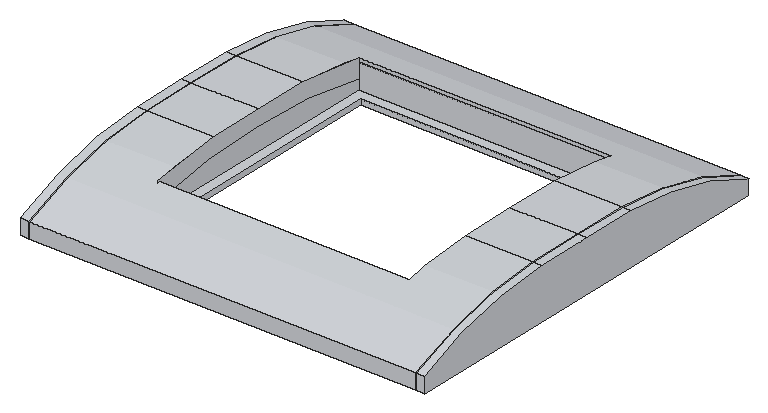
Revit family "Gira_1002763", category Electrical Fixtures, host Face, Revit 2017
Family settings
  Host = Face
  Maintain Annotation Orientation = No
  Round Connector Dimension = Use Diameter
  Part Type = Normal
  Cut with Voids When Loaded = No
  Shared = No
  Room Calculation Point = No
Parameters (values of type "Abdeckrahmen 2f o.M. Zwischenr. RW Gira Event Klar Braun")
  Werkstoffgüte = "Thermoplast"
  Werkstoff = "Kunststoff"
  URL = "http://katalog.gira.de/de_DE/datenblatt.html?artikelnr=1002763"
  Transparent = "No"
  Textfeld/Beschriftungsfläche = "No"
  Schutzart (IP) = "IP20"
  Region = "DE"
  Oberfläche = "sonstige"
  Name = "Abdeckrahmen 2f o.M. Zwischenr. RW Gira Event Klar Braun"
  Montagerichtung = "horizontal und vertikal"
  Mit Montagerahmen = "No"
  Mit Klappdeckel = "No"
  Manufacturer URL = "https://www.gira.de/"
  Keynote = "Event_Rahmen_2fach o.Mittelsteg"
  HeinzeBIM = "https://bimportal.heinze.de/bim/abdeckrahmen-2f-o-m-zwischenr-rw-gira-event-klar-braun/0091b34dd2873372f0a3132b45ab2cf5735b013e"
  Halogenfrei = "Yes"
  HAN = "1002763"
  Geeignet für Unterputz-Installation = "Yes"
  Geeignet für Unterflurkanaldose = "No"
  Geeignet für Geräteeinbaukanal = "No"
  Geeignet für Einbauinstallation = "No"
  GTIN = "4010337070320"
  Farbe = "braun"
  Default Elevation = 1219.2 mm
  Data sheet (1) = "https://katalog.gira.de/de_DE/download.html?artikelnr=1002763"
  Category = "Abdeckrahmen"
  Befestigungsart = "Klemmbefestigung"
  Available = "Yes"
  Ausführung der Oberfläche = "glänzend"
  Anzahl der Einheiten vertikal = "2 "
  Anzahl der Einheiten horizontal = "2 "
  Anzahl der Einheiten = "2 "
Reference planes
  plane 1 "Center (Front/Back)": y = 0
  plane 2: z = 0
  plane 3 "Center (Left/Right)": x = 0
Forms (mm)
  Extrusion 1, solid, detail levels fine
    sketch origin (0, 0, 1.55) x (0, 1, 0) y (0, 0, 1)
      loop
        arc (12.445, 9.683) -> (6.223, 9.833) -> (0, 9.85) r 291.636
        arc (0, 9.85) -> (-6.223, 9.833) -> (-12.445, 9.683) r 291.636
        arc (-12.445, 9.683) -> (-29.14, 7.482) -> (-45, 1.823) r 79.728
        line (-45, 1.823) -> (-45, -1.55) -> (-41.777, -1.55) -> (-41.777, -0.55)
        arc (-41.777, -0.55) -> (-21.205, 4.846) -> (0, 6.467) r 118.15
        arc (0, 6.467) -> (21.205, 4.846) -> (41.777, -0.55) r 118.15
        line (41.777, -0.55) -> (41.777, -1.55) -> (45, -1.55) -> (45, 1.823)
        arc (45, 1.823) -> (29.14, 7.482) -> (12.445, 9.683) r 79.728
    from -43 to 43
  Extrusion 2, void, detail levels fine
    sketch origin (0, 0, 0) x (1, 0, 0) y (0, 1, 0)
      loop
        line (-28, -28) -> (28, -28) -> (28, 28) -> (-28, 28) -> (-28, -28)
    from 2.85 to 12
  Extrusion 3, solid, detail levels coarse
    sketch origin (0, 0, 0) x (1, 0, 0) y (0, 1, 0)
      loop
        line (-45, 45) -> (-45, -45) -> (45, -45) -> (45, 45) -> (-45, 45)
    from 0 to 11.4
  Extrusion 4, solid, detail levels medium
    sketch origin (0, 0, 1.55) x (0, 1, 0) y (0, 0, 1)
      loop
        arc (12.445, 9.683) -> (6.223, 9.833) -> (0, 9.85) r 291.636
        arc (0, 9.85) -> (-6.223, 9.833) -> (-12.445, 9.683) r 291.636
        arc (-12.445, 9.683) -> (-29.14, 7.482) -> (-45, 1.823) r 79.728
        line (-45, 1.823) -> (-45, -1.55) -> (45, -1.55) -> (45, 1.823)
        arc (45, 1.823) -> (29.14, 7.482) -> (12.445, 9.683) r 79.728
    from -45 to 45
  Extrusion 5, solid, detail levels fine
    sketch origin (0, 0, 0) x (0, 1, 0) y (0, 0, 1)
      loop
        arc (45, 3.373) -> (29.14, 9.032) -> (12.445, 11.233) r 79.728
        arc (12.445, 11.233) -> (6.223, 11.383) -> (0, 11.4) r 291.636
        arc (0, 11.4) -> (-6.223, 11.383) -> (-12.445, 11.233) r 291.636
        arc (-12.445, 11.233) -> (-29.14, 9.032) -> (-45, 3.373) r 79.728
        line (-45, 3.373) -> (-45, 0) -> (45, 0) -> (45, 3.373)
    from 43 to 45
  Extrusion 6, solid, detail levels fine
    sketch origin (0, 0, 0) x (0, 1, 0) y (0, 0, -1)
      loop
        line (45, -3.373) -> (45, 0) -> (-45, 0) -> (-45, -3.373)
        arc (-45, -3.373) -> (-29.14, -9.032) -> (-12.445, -11.233) r 79.728
        arc (-12.445, -11.233) -> (-6.223, -11.383) -> (0, -11.4) r 291.636
        arc (0, -11.4) -> (6.223, -11.383) -> (12.445, -11.233) r 291.636
        arc (12.445, -11.233) -> (29.14, -9.032) -> (45, -3.373) r 79.728
    from 43 to 45
  Extrusion 7, solid, detail levels fine
    sketch origin (0, 0, 0) x (1, 0, 0) y (0, 1, 0)
      loop
        line (-25.7, 25.7) -> (-25.7, -25.7) -> (25.7, -25.7) -> (25.7, 25.7) -> (-25.7, 25.7)
      loop
        line (-29.495, 27.895) -> (-29.495, -27.895)
        spline (-29.495, -27.895) -> (-29.486, -28.025) -> (-29.461, -28.154) -> (-29.419, -28.278) -> (-29.361, -28.395) -> (-29.288, -28.504) -> (-29.202, -28.602) -> (-29.104, -28.688) -> (-28.995, -28.761) -> (-28.878, -28.819) -> (-28.754, -28.861) -> (-28.625, -28.886) -> (-28.495, -28.895)
        line (-28.495, -28.895) -> (28.495, -28.895)
        spline (28.495, -28.895) -> (28.625, -28.886) -> (28.754, -28.861) -> (28.878, -28.819) -> (28.995, -28.761) -> (29.104, -28.688) -> (29.202, -28.602) -> (29.288, -28.504) -> (29.361, -28.395) -> (29.419, -28.278) -> (29.461, -28.154) -> (29.486, -28.025) -> (29.495, -27.895)
        line (29.495, -27.895) -> (29.495, 27.895)
        spline (29.495, 27.895) -> (29.486, 28.025) -> (29.461, 28.154) -> (29.419, 28.278) -> (29.361, 28.395) -> (29.288, 28.504) -> (29.202, 28.602) -> (29.104, 28.688) -> (28.995, 28.761) -> (28.878, 28.819) -> (28.754, 28.861) -> (28.625, 28.886) -> (28.495, 28.895)
        line (28.495, 28.895) -> (-28.495, 28.895)
        spline (-28.495, 28.895) -> (-28.625, 28.886) -> (-28.754, 28.861) -> (-28.878, 28.819) -> (-28.995, 28.761) -> (-29.104, 28.688) -> (-29.202, 28.602) -> (-29.288, 28.504) -> (-29.361, 28.395) -> (-29.419, 28.278) -> (-29.461, 28.154) -> (-29.486, 28.025) -> (-29.495, 27.895)
    from 1.673 to 8.5
Cuts and joins
  Extrusion 2 cuts Extrusion 1
  Extrusion 2 cuts Extrusion 7
Dimensions and locks
  aligned and locked: plane 2 to host face
  aligned and locked: level to host face
